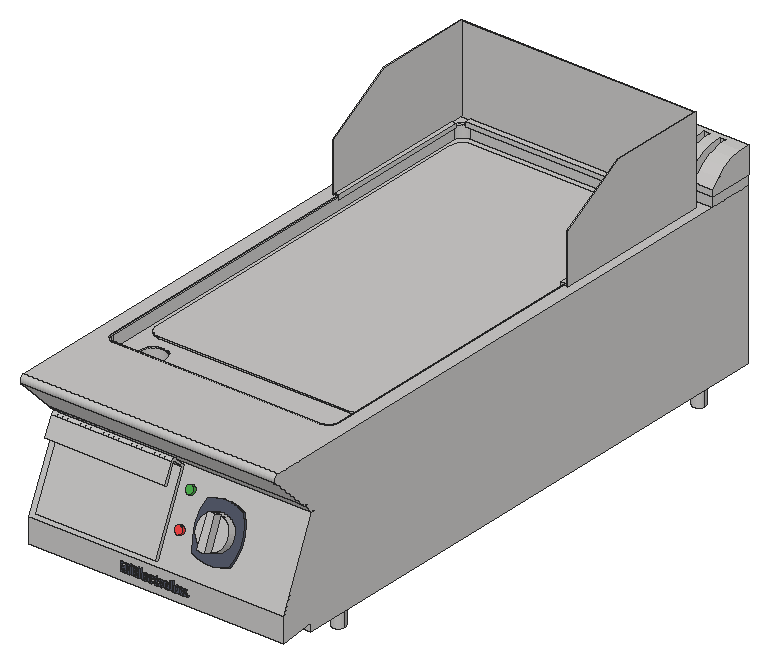
Revit family "QF_ELECTROLUXPROFESSIONAL_391398_E9IINIAOMCA", category Specialty Equipment, Revit 2018 (continued)
Automatic sketch dimensions
  Extrusion 23 sketch curve to Extrusion 23 sketch curve = 0.166 mm
  Extrusion 23 sketch curve to Extrusion 23 sketch curve = 0.16 mm
  Extrusion 23 sketch curve to Extrusion 23 sketch curve = 2.781 mm
  Extrusion 23 sketch curve to Extrusion 23 sketch curve = 1.118 mm
  Extrusion 23 sketch curve to Extrusion 23 sketch curve = 0.613 mm
  Extrusion 23 sketch curve to Extrusion 23 sketch curve = 0.361 mm
  Extrusion 23 sketch curve to Extrusion 23 sketch curve = 0.897 mm
  Extrusion 23 sketch curve to Extrusion 23 sketch curve = 0.167 mm
  Extrusion 23 sketch curve to Extrusion 23 sketch curve = 0.292 mm
  Extrusion 23 sketch curve to Extrusion 23 sketch curve = 0.305 mm
  Extrusion 23 sketch curve to Extrusion 23 sketch curve = 1.557 mm
  Extrusion 23 sketch curve to Extrusion 23 sketch curve = 2.499 mm
  Extrusion 23 sketch curve to Extrusion 23 sketch curve = 3.062 mm
  Extrusion 23 sketch curve to Extrusion 23 sketch curve = 2.968 mm
  Extrusion 23 sketch curve to Extrusion 23 sketch curve = 5.044 mm
  Extrusion 23 sketch curve to Extrusion 23 sketch curve = 0.629 mm  (x2)
  Extrusion 23 sketch curve to Extrusion 23 sketch curve = 1.131 mm
  Extrusion 23 sketch curve to Extrusion 23 sketch curve = 0.137 mm
  Extrusion 23 sketch curve to Extrusion 23 sketch curve = 0.027 mm
  Extrusion 23 sketch curve to Extrusion 23 sketch curve = 2.235 mm
  plane 7 "Center Y" to Extrusion 24 sketch curve = 20.046 mm
  plane 7 "Center Y" to Extrusion 25 sketch curve = 20.046 mm
  curve 10 to plane 3 "LEFT" = 0 mm
  curve 5 to plane 9 = 0 mm
  curve 5 to plane 13 = 0 mm
  plane 5 "FRONT" to curve 98 = 0 mm
  curve 98 to plane 7 "Center Y" = 0 mm
  plane 1 "BACK" to curve 8 = 0 mm
  curve 8 to plane 4 "RIGHT" = 0 mm
  plane 5 "FRONT" to curve 3 = 0 mm
  plane 5 "FRONT" to curve 1 = 0 mm
  plane 13 to curve 27 = 4.442 mm
  plane 13 to curve 13 = 11.03 mm
  curve 37 to curve 14 = 6.721 mm
  curve 14 to curve 33 = 3.351 mm
  plane 13 to curve 40 = 18.703 mm
  curve 33 to curve 14 = 6.516 mm
  curve 33 to curve 20 = 6.516 mm
  curve 13 to curve 12 = 15 mm
  curve 33 to curve 14 = 11.516 mm
  curve 40 to curve 38 = 9.296 mm
  curve 12 to curve 95 = 14.849 mm
  curve 14 to curve 21 = 15 mm
  curve 20 to curve 18 = 20 mm
  plane 1 "BACK" to curve 42 = 6.761 mm
  curve 38 to curve 42 = 16.193 mm
  curve 42 to curve 45 = 9.296 mm
  curve 95 to curve 95 = 20 mm
  plane 1 "BACK" to curve 48 = 6.761 mm
  curve 43 to curve 48 = 16.193 mm
  curve 48 to curve 46 = 9.296 mm
  curve 46 to curve 52 = 16.193 mm
  curve 52 to curve 53 = 9.296 mm
  curve 50 to curve 56 = 16.193 mm
  curve 56 to curve 57 = 9.296 mm
  plane 1 "BACK" to curve 60 = 6.761 mm
  curve 54 to curve 60 = 16.193 mm
  curve 60 to curve 61 = 9.296 mm
  plane 1 "BACK" to curve 64 = 6.761 mm
  curve 58 to curve 64 = 16.193 mm
  curve 63 to plane 7 "Center Y" = 8.071 mm
  plane 7 "Center Y" to curve 66 = 8.121 mm
  curve 66 to curve 68 = 9.296 mm
  curve 68 to curve 91 = 16.143 mm
  curve 91 to curve 93 = 9.296 mm
  plane 1 "BACK" to curve 87 = 6.761 mm
  curve 93 to curve 87 = 16.193 mm
  curve 87 to curve 89 = 9.296 mm
  curve 88 to curve 83 = 16.193 mm
  curve 83 to curve 85 = 9.296 mm
  curve 84 to curve 79 = 16.193 mm
  curve 79 to curve 82 = 9.296 mm
  plane 1 "BACK" to curve 76 = 6.761 mm
  curve 81 to curve 76 = 16.193 mm
  curve 77 to curve 78 = 9.296 mm
  plane 14 to curve 23 = 41.03 mm
  plane 14 to curve 25 = 41.03 mm
  plane 1 "BACK" to curve 74 = 6.761 mm
  curve 75 to curve 74 = 16.193 mm
  curve 23 to curve 15 = 15 mm
  plane 14 to curve 17 = 26.03 mm
  curve 25 to curve 25 = 20 mm
  curve 15 to curve 29 = 5 mm
  curve 71 to curve 73 = 9.296 mm
  plane 14 to curve 35 = 14.514 mm
  curve 32 to curve 15 = 3.351 mm
  curve 35 to curve 16 = 3.484 mm
  plane 14 to curve 28 = 4.442 mm
  curve 11 to plane 5 "FRONT" = 137.461 mm
  curve 12 to curve 95 = 18.803 mm
  curve 95 to curve 18 = 36.197 mm
  plane 8 "Center X" to curve 13 = 129.61 mm
  plane 8 "Center X" to curve 36 = 129.61 mm
  curve 24 to curve 73 = 118.645 mm
  curve 14 to curve 21 = 2.133 mm
  curve 15 to curve 23 = 2.133 mm
  curve 15 to curve 35 = 1.998 mm
  curve 14 to curve 14 = 1.998 mm
  curve 30 to curve 15 = 2.318 mm
  curve 15 to curve 29 = 10.007 mm
  curve 31 to curve 40 = 19.479 mm
  curve 93 to curve 87 = 57.15 mm
  curve 38 to curve 42 = 0 mm
  curve 92 to curve 89 = 0 mm
  curve 44 to curve 46 = 0 mm
  curve 88 to curve 85 = 0 mm
  curve 46 to curve 50 = 0 mm
  curve 84 to curve 81 = 0 mm
  curve 50 to curve 54 = 0 mm
  curve 80 to curve 78 = 0 mm
  curve 54 to curve 58 = 0 mm
  curve 29 to curve 73 = 19.479 mm
  curve 58 to curve 62 = 0 mm
  curve 62 to curve 66 = 0 mm
  plane 1 "BACK" to curve 68 = 6.761 mm
  plane 1 "BACK" to curve 57 = 6.761 mm
  plane 1 "BACK" to curve 79 = 6.761 mm
  plane 1 "BACK" to curve 53 = 6.761 mm
  plane 1 "BACK" to curve 83 = 6.761 mm
  plane 1 "BACK" to curve 91 = 6.761 mm
  plane 1 "BACK" to curve 41 = 6.761 mm
  radius of Extrusion 2 sketch curve = 9.525 mm  (x4)
  radius of Extrusion 11 sketch curve = 6.35 mm
  radius of Extrusion 16 sketch curve = 20 mm
  radius of Extrusion 21 sketch curve = 25.4 mm
  radius of Extrusion 22 sketch curve to Extrusion 21 = 0 mm  (x2)
  radius of Extrusion 24 sketch curve = 6.35 mm
  radius of Extrusion 25 sketch curve = 6.35 mm
Connectors
  electrical at (340, -585, 19), driven by "Volts", driven by "Watts"
    settings: on Extrusion 11, index 1, voltage 230 V, apparent load 0 VA, apparent load phase1 0 VA, apparent load phase2 0 VA, apparent load phase3 0 VA, power factor 1, load classification "Other", number of poles 1, system type 30, power factor state 1, is connector primary yes, connector utility no, sub classification motor no, connector description "ELECTRICAL CONNECTION"
